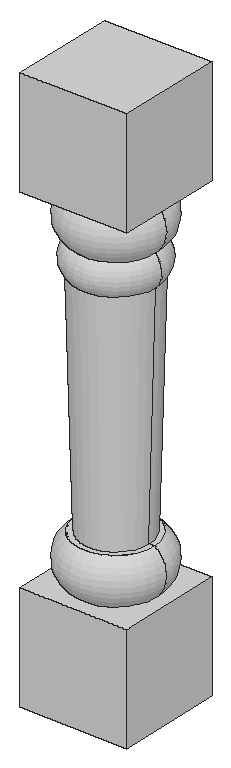
Revit family "Island Leg", category Furniture, Revit 2025
Family settings
  Work Plane-Based = No
  Enable Cutting in Views = Yes
  Always vertical = Yes
  Cut with Voids When Loaded = No
  Render Appearance Source = Family Geometry
  Shared = No
  Room Calculation Point = No
Parameters
  Total Height = 800 mm
  Leg Material = White paint
  Height = 0 mm
  Default Elevation = 0 mm
  Block Size = 150 mm
Reference planes
  plane 1 "Center (Front/Back)": y = 0
  plane 2: z = 0
  plane 3 "Center (Left/Right)": x = 0
  plane 4: z = 150
  plane 5: z = 800
  plane 6: y = 75
  plane 7: y = -75
  plane 8: z = 650
  plane 9: z = 585
  plane 10: z = 215
Forms (mm)
  Extrusion 1, solid, material "White paint" <- "Leg Material"
    sketch origin (0, 0, 0) x (1, 0, 0) y (0, 0, 1)
      loop
        line (-75, 150) -> (-75, 0) -> (75, 0) -> (75, 150) -> (-75, 150)
    from 75 to -75
  Extrusion 2, solid, material "White paint" <- "Leg Material"
    sketch origin (0, 0, 650) x (1, 0, 0) y (0, 0, 1)
      loop
        line (-75, 150) -> (-75, 0) -> (75, 0) -> (75, 150) -> (-75, 150)
    from 75 to -75
  Revolve 3, solid, material "White paint" <- "Leg Material"
    sketch origin (0, 0, 0) x (1, 0, 0) y (0, 0, 1)
      loop
        line (0, 650) -> (-55, 650)
        arc (-55, 650) -> (-71.682, 617.5) -> (-55, 585) r 40
        line (-55, 585) -> (0, 585) -> (0, 650)
      axis (0, 650) -> (0, 585)
    angle from 0 to 360
  Revolve 4, solid, material "White paint" <- "Leg Material"
    sketch origin (0, 0, -435) x (1, 0, 0) y (0, 0, 1)
      loop
        line (0, 650) -> (-55, 650)
        arc (-55, 650) -> (-71.682, 617.5) -> (-55, 585) r 40
        line (-55, 585) -> (0, 585) -> (0, 650)
      axis (0, 650) -> (0, 585)
    angle from 0 to 360
  Revolve 5, solid, material "White paint" <- "Leg Material"
    sketch origin (0, 0, 0) x (1, 0, 0) y (0, 0, 1)
      loop
        line (-56.406, 541.821) -> (-46.975, 215) -> (0, 215) -> (0, 585) -> (-54.514, 585)
        arc (-54.514, 585) -> (-64.642, 563.813) -> (-56.406, 541.821) r 30
      axis (0, 585) -> (0, 215)
    angle from 0 to 360
Dimensions and locks
  "Total Height": plane 5 to plane 2
  equal spacing: plane 7, plane 1 "Center (Front/Back)", plane 6
  "Block Size": plane 7 to plane 6
  locked: plane 5 to plane 8 at 150
  locked: plane 8 to plane 9 at 65
  plane 10 to plane 4 to plane 2 = 65 mm locked, 150 mm locked
  plane 9 to plane 10 = 370 mm
  aligned and locked: level to plane 2
  aligned and locked: plane 2 to Extrusion 1 sketch curve
  aligned and locked: plane 6 to Extrusion 1
  aligned and locked: plane 7 to Extrusion 1
  aligned and locked: plane 8 to Extrusion 2
  aligned and locked: plane 8 to Revolve 3 sketch curve
  aligned and locked: Revolve 3 sketch curve to plane 9
  aligned and locked: Extrusion 2 to plane 8
  aligned and locked: plane 5 to Extrusion 2
  aligned and locked: Revolve 4 to plane 10
  aligned and locked: Revolve 5 sketch curve to plane 9
  aligned and locked: Revolve 5 sketch curve to plane 10
Automatic sketch dimensions
  Extrusion 1 sketch curve to plane 4 = 0 mm
  Extrusion 1 sketch curve to plane 3 "Center (Left/Right)" = 75 mm
  plane 3 "Center (Left/Right)" to Extrusion 1 sketch curve = 75 mm
  Extrusion 2 sketch curve to plane 8 = 0 mm
  Extrusion 2 sketch curve to plane 5 = 0 mm
  Extrusion 2 sketch curve to plane 3 "Center (Left/Right)" = 75 mm
  plane 3 "Center (Left/Right)" to Extrusion 2 sketch curve = 75 mm
  Revolve 3 sketch curve to plane 3 "Center (Left/Right)" = 0 mm  (x2)
  Revolve 3 sketch curve to plane 8 = 0 mm
  Revolve 3 sketch curve to plane 3 "Center (Left/Right)" = 31.682 mm
  Revolve 3 sketch curve to Revolve 3 sketch curve = 23.318 mm  (x2)
  Revolve 3 sketch curve to Revolve 3 sketch curve = 0 mm
  Revolve 4 sketch curve to plane 4 = 0 mm
  Revolve 4 sketch curve to plane 3 "Center (Left/Right)" = 0 mm  (x2)
  Revolve 4 sketch curve to Revolve 4 sketch curve = 31.682 mm
  Revolve 4 sketch curve to Revolve 4 sketch curve = 23.318 mm  (x2)
  plane 4 to Revolve 4 sketch curve = 32.5 mm
  Revolve 4 sketch curve to Revolve 4 sketch curve = 0 mm  (x2)
  Revolve 5 sketch curve to plane 3 "Center (Left/Right)" = 0 mm  (x2)
  Revolve 5 sketch curve to plane 9 = 0 mm
  Revolve 5 sketch curve to plane 3 "Center (Left/Right)" = 34.671 mm
  Revolve 5 sketch curve to Revolve 5 sketch curve = 19.843 mm
  Revolve 5 sketch curve to plane 9 = 43.179 mm
  Revolve 5 sketch curve to Revolve 5 sketch curve = 21.734 mm
  Revolve 5 sketch curve to Revolve 5 sketch curve = 46.975 mm
  Revolve 5 sketch curve to Revolve 5 sketch curve = 141.821 mm
